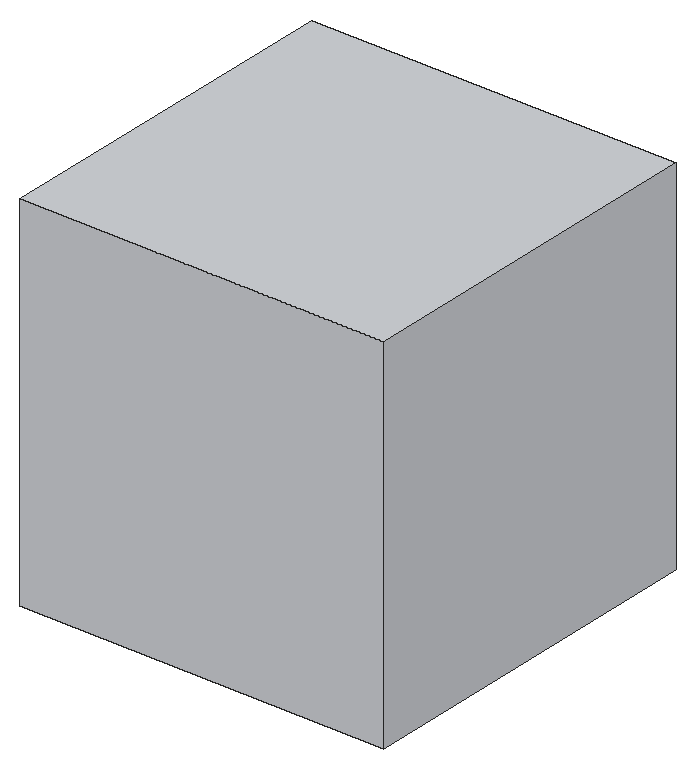
Revit family "SpecialtyEquipment", category Specialty Equipment, Revit 2018
Family settings
  Round Connector Dimension = Use Diameter
  Part Type = Normal
  Work Plane-Based = No
  Always vertical = Yes
  Cut with Voids When Loaded = No
  Shared = No
  Room Calculation Point = No
Parameters
  DPS_A_SE_WIDTH = 1' - 0"
  DPS_A_SE_LENGTH = 1' - 0"
  DPS_A_SE_HEIGHT = 1' - 0"
Reference planes (in)
  plane 1 "Center (Front/Back)": y = 0
  plane 2: z = 0
  plane 3 "Center (Left/Right)": x = 0
Forms (in)
  Extrusion 1, solid
    sketch origin (0, 0, 0) x (1, 0, 0) y (0, 1, 0)
      loop
        line (0, 0) -> (12, 0) -> (12, 12) -> (0, 12) -> (0, 0)
    from 0 to 12 <- "DPS_A_SE_HEIGHT"
Dimensions and locks (in)
  "DPS_A_SE_LENGTH": Extrusion 1 sketch curve to Extrusion 1 sketch curve
  "DPS_A_SE_WIDTH": Extrusion 1 sketch curve to Extrusion 1 sketch curve
  aligned and locked: level to plane 2
Automatic sketch dimensions
  Extrusion 1 sketch curve to plane 3 "Center (Left/Right)" = 0' - 0"
  plane 1 "Center (Front/Back)" to Extrusion 1 sketch curve = 0' - 0"
